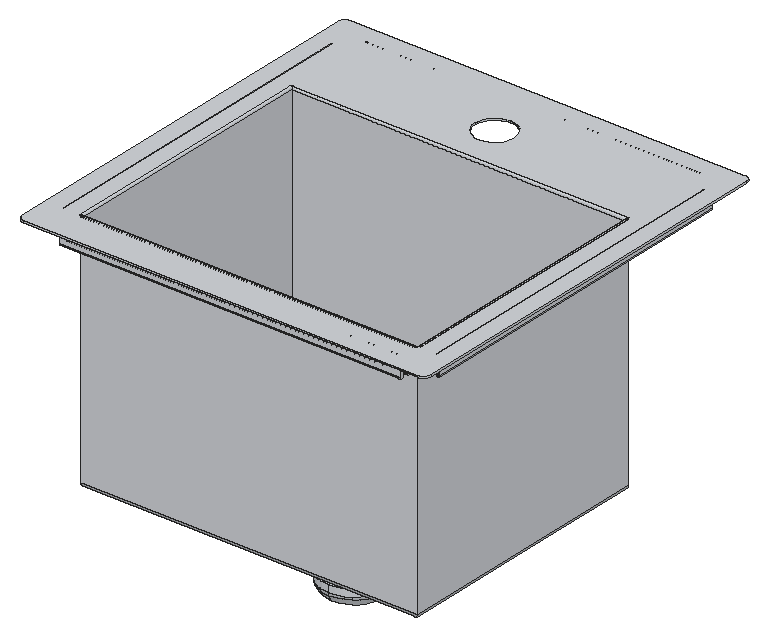
Revit family "Sink-Bar-KOHLER-Vault-K-3840", category Plumbing Fixtures, host Face, Revit 2015 (continued)
Definition of nested family "K-3840"
  Automatic sketch dimensions
    Revolve 25 sketch curve to Revolve 25 sketch curve = 0.09122"
    Revolve 25 sketch curve to Revolve 25 sketch curve = 0.00869"
    Revolve 25 sketch curve to Revolve 25 sketch curve = 0.00643"
    Revolve 25 sketch curve to Revolve 25 sketch curve = 0.04807"
    Revolve 25 sketch curve to Revolve 25 sketch curve = 0.04195"
    Revolve 25 sketch curve to Revolve 25 sketch curve = 0.65248"
    Revolve 25 sketch curve to Revolve 25 sketch curve = 0.03395"
    Revolve 25 sketch curve to Revolve 25 sketch curve = 0.05034"
    Revolve 25 sketch curve to Revolve 25 sketch curve = 0.14743"
    Revolve 25 sketch curve to Revolve 25 sketch curve = 0"  (x2)
    Revolve 25 sketch curve to Revolve 25 sketch curve = 9/32"
    Revolve 25 sketch curve to Revolve 25 sketch curve = 25/32"
    Revolve 24 sketch curve to Revolve 24 sketch curve = 2.15841"
    Revolve 24 sketch curve to plane 1 "Center (Front/Back)" = 0.00774"  (x2)
    plane 9 to Revolve 24 sketch curve = 1.19118"
    Revolve 24 sketch curve to Revolve 24 sketch curve = 0.86193"
    Masking region 3 sketch curve to plane 6 = 0"
    plane 8 to Masking region 3 sketch curve = 0"
    plane 4 to Masking region 3 sketch curve = 0"
    Masking region 3 sketch curve to plane 7 = 0"
    plane 6 to Masking region 3 sketch curve = 0.27335"
    plane 4 to Masking region 3 sketch curve = 0.27386"
    Masking region 3 sketch curve to plane 7 = 0.27286"
    plane 4 to Masking region 3 sketch curve = 0.27247"
    plane 1 "Center (Front/Back)" to Extrusion 29 sketch curve = 0"
    Extrusion 29 sketch curve to plane 3 "Center (Left/Right)" = 0"
    Extrusion 30 sketch curve to plane 11 = 0.01349"
    Extrusion 30 sketch curve to plane 7 = 1.32688"
    Extrusion 30 sketch curve to plane 8 = 1.30499"
    plane 6 to Extrusion 30 sketch curve = 1.32712"
    Extrusion 30 sketch curve to Extrusion 30 sketch curve = 1/32"  (x4)
    Extrusion 31 sketch curve to plane 6 = 0"
    plane 4 to Extrusion 31 sketch curve = 0"
    plane 8 to Extrusion 31 sketch curve = 0"
    Extrusion 31 sketch curve to plane 7 = 0"
    plane 6 to Extrusion 31 sketch curve = 0.27245"
    plane 6 to Extrusion 31 sketch curve = 35/128"
    Extrusion 31 sketch curve to plane 11 = 0.01349"
    plane 6 to Extrusion 31 sketch curve = 1.32712"
    Extrusion 31 sketch curve to plane 7 = 1.32688"
    Extrusion 31 sketch curve to plane 7 = 35/128"  (x2)
    Extrusion 31 sketch curve to plane 8 = 1.30499"
    Extrusion 32 sketch curve to plane 11 = 0.01349"
    plane 6 to Extrusion 32 sketch curve = 1.32712"
    Extrusion 32 sketch curve to plane 7 = 1.32688"
    Extrusion 32 sketch curve to plane 8 = 1.30499"
    Revolve 24 sketch curve to plane 10 = 0"
    plane 10 to Revolve 24 sketch curve = 0.11729"
    plane 10 to Revolve 24 sketch curve = 0.3592"
    curve 17 to curve 275 = 0"  (x2)
    curve 42 to curve 45 = 0"  (x2)
    curve 42 to curve 173 = 0"  (x2)
    curve 42 to curve 176 = 0"  (x2)
    curve 45 to curve 173 = 0"  (x2)
    curve 45 to curve 176 = 0"  (x2)
    curve 46 to curve 47 = 0"  (x2)
    curve 46 to curve 167 = 0"  (x2)
    curve 46 to curve 168 = 0"  (x2)
    curve 47 to curve 167 = 0"  (x2)
    curve 47 to curve 168 = 0"  (x2)
    curve 50 to curve 288 = 0"  (x2)
    curve 50 to curve 289 = 0"  (x2)
    curve 50 to curve 291 = 0"  (x2)
    curve 50 to curve 292 = 0"  (x2)
    curve 50 to curve 294 = 0"  (x2)
    curve 50 to curve 295 = 0"  (x2)
    curve 50 to curve 296 = 0"  (x2)
    curve 50 to curve 297 = 0"  (x2)
    curve 50 to curve 298 = 0"  (x2)
    curve 50 to curve 299 = 0"  (x2)
    curve 50 to curve 300 = 0"  (x2)
    curve 50 to curve 301 = 0"  (x2)
    curve 50 to curve 302 = 0"  (x2)
    curve 50 to curve 303 = 0"  (x2)
    curve 50 to curve 304 = 0"  (x2)
    curve 50 to curve 305 = 0"  (x2)
    curve 50 to curve 306 = 0"  (x2)
    curve 50 to curve 307 = 0"  (x2)
    curve 50 to curve 308 = 0"  (x2)
    curve 50 to curve 309 = 0"  (x2)
    curve 50 to curve 310 = 0"  (x2)
    curve 50 to curve 311 = 0"  (x2)
    curve 50 to curve 312 = 0"  (x2)
    curve 50 to curve 313 = 0"  (x2)
    curve 50 to curve 314 = 0"  (x2)
    curve 50 to curve 315 = 0"  (x2)
    curve 50 to curve 316 = 0"  (x2)
    curve 50 to curve 317 = 0"  (x2)
    curve 51 to curve 52 = 0"  (x2)
    curve 53 to curve 54 = 0"  (x2)
    curve 55 to curve 56 = 0"  (x2)
    curve 57 to curve 58 = 0"  (x2)
    curve 59 to curve 60 = 0"  (x2)
    curve 61 to curve 62 = 0"  (x2)
    curve 63 to curve 64 = 0"  (x2)
    curve 65 to curve 66 = 0"  (x2)
    curve 67 to curve 68 = 0"  (x2)
    curve 69 to curve 70 = 0"  (x2)
    curve 71 to curve 72 = 0"  (x2)
    curve 73 to curve 74 = 0"  (x2)
    curve 75 to curve 76 = 0"  (x2)
    curve 79 to curve 80 = 0"  (x2)
    curve 81 to curve 82 = 0"  (x2)
    curve 83 to curve 84 = 0"  (x2)
    curve 85 to curve 86 = 0"  (x2)
    curve 87 to curve 88 = 0"  (x2)
    curve 89 to curve 90 = 0"  (x2)
    curve 91 to curve 92 = 0"  (x2)
    curve 93 to curve 94 = 0"  (x2)
    curve 95 to curve 96 = 0"  (x2)
    curve 99 to curve 100 = 0"  (x2)
    curve 101 to curve 102 = 0"  (x2)
    curve 103 to curve 104 = 0"  (x2)
    curve 105 to curve 106 = 0"  (x2)
    curve 107 to curve 108 = 0"  (x2)
    curve 110 to curve 111 = 0"  (x2)
    curve 112 to curve 113 = 0"  (x2)
    curve 114 to curve 115 = 0"  (x2)
    curve 116 to curve 117 = 0"  (x2)
    curve 118 to curve 119 = 0"  (x2)
    curve 120 to curve 121 = 0"  (x2)
    curve 122 to curve 123 = 0"  (x2)
    curve 124 to curve 125 = 0"  (x2)
    curve 126 to curve 127 = 0"  (x2)
    curve 128 to curve 129 = 0"  (x2)
    curve 130 to curve 131 = 0"  (x2)
    curve 132 to curve 133 = 0"  (x2)
    curve 134 to curve 135 = 0"  (x2)
    curve 136 to curve 137 = 0"  (x2)
    curve 138 to curve 139 = 0"  (x2)
    curve 140 to curve 141 = 0"  (x2)
    curve 142 to curve 143 = 0"  (x2)
    curve 144 to curve 145 = 0"  (x2)
    curve 146 to curve 147 = 0"  (x2)
    curve 148 to curve 149 = 0"  (x2)
    curve 150 to curve 151 = 0"  (x2)
    curve 152 to curve 153 = 0"  (x2)
    curve 154 to curve 155 = 0"  (x2)
    curve 156 to curve 157 = 0"  (x2)
    curve 158 to curve 159 = 0"  (x2)
    curve 160 to curve 161 = 0"  (x2)
    curve 162 to curve 163 = 0"  (x2)
    curve 165 to curve 166 = 0"  (x2)
    curve 165 to curve 318 = 0"  (x2)
    curve 166 to curve 318 = 0"  (x2)
    curve 167 to curve 168 = 0"  (x2)
    curve 173 to curve 176 = 0"  (x2)
    curve 187 to curve 190 = 0"  (x2)
    curve 187 to curve 201 = 0"  (x2)
    curve 187 to curve 204 = 0"  (x2)
    curve 190 to curve 201 = 0"  (x2)
    curve 190 to curve 204 = 0"  (x2)
    curve 191 to curve 192 = 0"  (x2)
    curve 191 to curve 195 = 0"  (x2)
    curve 191 to curve 196 = 0"  (x2)
    curve 192 to curve 195 = 0"  (x2)
    curve 192 to curve 196 = 0"  (x2)
    curve 195 to curve 196 = 0"  (x2)
    curve 201 to curve 204 = 0"  (x2)
    curve 288 to curve 289 = 0"  (x2)
    curve 288 to curve 291 = 0"  (x2)
    curve 288 to curve 292 = 0"  (x2)
    curve 288 to curve 294 = 0"  (x2)
    curve 288 to curve 295 = 0"  (x2)
    curve 288 to curve 296 = 0"  (x2)
    curve 288 to curve 297 = 0"  (x2)
    curve 288 to curve 298 = 0"  (x2)
    curve 288 to curve 299 = 0"  (x2)
    curve 288 to curve 300 = 0"  (x2)
    curve 288 to curve 301 = 0"  (x2)
    curve 288 to curve 302 = 0"  (x2)
    curve 288 to curve 303 = 0"  (x2)
    curve 288 to curve 304 = 0"  (x2)
    curve 288 to curve 305 = 0"  (x2)
    curve 288 to curve 306 = 0"  (x2)
    curve 288 to curve 307 = 0"  (x2)
    curve 288 to curve 308 = 0"  (x2)
    curve 288 to curve 309 = 0"  (x2)
    curve 288 to curve 310 = 0"  (x2)
    curve 288 to curve 311 = 0"  (x2)
    curve 288 to curve 312 = 0"  (x2)
    curve 288 to curve 313 = 0"  (x2)
    curve 288 to curve 314 = 0"  (x2)
    curve 288 to curve 315 = 0"  (x2)
    curve 288 to curve 316 = 0"  (x2)
    curve 288 to curve 317 = 0"  (x2)
    curve 289 to curve 291 = 0"  (x2)
    curve 289 to curve 292 = 0"  (x2)
    curve 289 to curve 294 = 0"  (x2)
    curve 289 to curve 295 = 0"  (x2)
    curve 289 to curve 296 = 0"  (x2)
    curve 289 to curve 297 = 0"  (x2)
    curve 289 to curve 298 = 0"  (x2)
    curve 289 to curve 299 = 0"  (x2)
    curve 289 to curve 300 = 0"  (x2)
    curve 289 to curve 301 = 0"  (x2)
    curve 289 to curve 302 = 0"  (x2)
    curve 289 to curve 303 = 0"  (x2)
    curve 289 to curve 304 = 0"  (x2)
    curve 289 to curve 305 = 0"  (x2)
    curve 289 to curve 306 = 0"  (x2)
    curve 289 to curve 307 = 0"  (x2)
    curve 289 to curve 308 = 0"  (x2)
    curve 289 to curve 309 = 0"  (x2)
    curve 289 to curve 310 = 0"  (x2)
    curve 289 to curve 311 = 0"  (x2)
    curve 289 to curve 312 = 0"  (x2)
    curve 289 to curve 313 = 0"  (x2)
    curve 289 to curve 314 = 0"  (x2)
    curve 289 to curve 315 = 0"  (x2)
    curve 289 to curve 316 = 0"  (x2)
    curve 289 to curve 317 = 0"  (x2)
    curve 291 to curve 292 = 0"  (x2)
    curve 291 to curve 294 = 0"  (x2)
    curve 291 to curve 295 = 0"  (x2)
    curve 291 to curve 296 = 0"  (x2)
    curve 291 to curve 297 = 0"  (x2)
    curve 291 to curve 298 = 0"  (x2)
    curve 291 to curve 299 = 0"  (x2)
    curve 291 to curve 300 = 0"  (x2)
    curve 291 to curve 301 = 0"  (x2)
    curve 291 to curve 302 = 0"  (x2)
    curve 291 to curve 303 = 0"  (x2)
    curve 291 to curve 304 = 0"  (x2)
    curve 291 to curve 305 = 0"  (x2)
    curve 291 to curve 306 = 0"  (x2)
    curve 291 to curve 307 = 0"  (x2)
    curve 291 to curve 308 = 0"  (x2)
    curve 291 to curve 309 = 0"  (x2)
    curve 291 to curve 310 = 0"  (x2)
    curve 291 to curve 311 = 0"  (x2)
    curve 291 to curve 312 = 0"  (x2)
    curve 291 to curve 313 = 0"  (x2)
    curve 291 to curve 314 = 0"  (x2)
    curve 291 to curve 315 = 0"  (x2)
    curve 291 to curve 316 = 0"  (x2)
    curve 291 to curve 317 = 0"  (x2)
    curve 292 to curve 294 = 0"  (x2)
    curve 292 to curve 295 = 0"  (x2)
    curve 292 to curve 296 = 0"  (x2)
    curve 292 to curve 297 = 0"  (x2)
    curve 292 to curve 298 = 0"  (x2)
    curve 292 to curve 299 = 0"  (x2)
    curve 292 to curve 300 = 0"  (x2)
    curve 292 to curve 301 = 0"  (x2)
    curve 292 to curve 302 = 0"  (x2)
    curve 292 to curve 303 = 0"  (x2)
    curve 292 to curve 304 = 0"  (x2)
    curve 292 to curve 305 = 0"  (x2)
    curve 292 to curve 306 = 0"  (x2)
    curve 292 to curve 307 = 0"  (x2)
    curve 292 to curve 308 = 0"  (x2)
    curve 292 to curve 309 = 0"  (x2)
    curve 292 to curve 310 = 0"  (x2)
    curve 292 to curve 311 = 0"  (x2)
    curve 292 to curve 312 = 0"  (x2)
    curve 292 to curve 313 = 0"  (x2)
    curve 292 to curve 314 = 0"  (x2)
    curve 292 to curve 315 = 0"  (x2)
    curve 292 to curve 316 = 0"  (x2)
    curve 292 to curve 317 = 0"  (x2)
    curve 294 to curve 295 = 0"  (x2)
    curve 294 to curve 296 = 0"  (x2)
    curve 294 to curve 297 = 0"  (x2)
    curve 294 to curve 298 = 0"  (x2)
    curve 294 to curve 299 = 0"  (x2)
    curve 294 to curve 300 = 0"  (x2)
    curve 294 to curve 301 = 0"  (x2)
    curve 294 to curve 302 = 0"  (x2)
    curve 294 to curve 303 = 0"  (x2)
    curve 294 to curve 304 = 0"  (x2)
    curve 294 to curve 305 = 0"  (x2)
    curve 294 to curve 306 = 0"  (x2)
    curve 294 to curve 307 = 0"  (x2)
    curve 294 to curve 308 = 0"  (x2)
    curve 294 to curve 309 = 0"  (x2)
    curve 294 to curve 310 = 0"  (x2)
    curve 294 to curve 311 = 0"  (x2)
    curve 294 to curve 312 = 0"  (x2)
    curve 294 to curve 313 = 0"  (x2)
    curve 294 to curve 314 = 0"  (x2)
    curve 294 to curve 315 = 0"  (x2)
    curve 294 to curve 316 = 0"  (x2)
    curve 294 to curve 317 = 0"  (x2)
    curve 295 to curve 296 = 0"  (x2)
    curve 295 to curve 297 = 0"  (x2)
    curve 295 to curve 298 = 0"  (x2)
    curve 295 to curve 299 = 0"  (x2)
    curve 295 to curve 300 = 0"  (x2)
    curve 295 to curve 301 = 0"  (x2)
    curve 295 to curve 302 = 0"  (x2)
    curve 295 to curve 303 = 0"  (x2)
    curve 295 to curve 304 = 0"  (x2)
    curve 295 to curve 305 = 0"  (x2)
    curve 295 to curve 306 = 0"  (x2)
    curve 295 to curve 307 = 0"  (x2)
    curve 295 to curve 308 = 0"  (x2)
    curve 295 to curve 309 = 0"  (x2)
    curve 295 to curve 310 = 0"  (x2)
    curve 295 to curve 311 = 0"  (x2)
    curve 295 to curve 312 = 0"  (x2)
    curve 295 to curve 313 = 0"  (x2)
    curve 295 to curve 314 = 0"  (x2)
    curve 295 to curve 315 = 0"  (x2)
    curve 295 to curve 316 = 0"  (x2)
    curve 295 to curve 317 = 0"  (x2)
    curve 296 to curve 297 = 0"  (x2)
    curve 296 to curve 298 = 0"  (x2)
    curve 296 to curve 299 = 0"  (x2)
    curve 296 to curve 300 = 0"  (x2)
    curve 296 to curve 301 = 0"  (x2)
    curve 296 to curve 302 = 0"  (x2)
    curve 296 to curve 303 = 0"  (x2)
    curve 296 to curve 304 = 0"  (x2)
    curve 296 to curve 305 = 0"  (x2)
    curve 296 to curve 306 = 0"  (x2)
    curve 296 to curve 307 = 0"  (x2)
    curve 296 to curve 308 = 0"  (x2)
    curve 296 to curve 309 = 0"  (x2)
    curve 296 to curve 310 = 0"  (x2)
    curve 296 to curve 311 = 0"  (x2)
    curve 296 to curve 312 = 0"  (x2)
    curve 296 to curve 313 = 0"  (x2)
    curve 296 to curve 314 = 0"  (x2)
    curve 296 to curve 315 = 0"  (x2)
    curve 296 to curve 316 = 0"  (x2)
    curve 296 to curve 317 = 0"  (x2)
    curve 297 to curve 298 = 0"  (x2)
    curve 297 to curve 299 = 0"  (x2)
    curve 297 to curve 300 = 0"  (x2)
    curve 297 to curve 301 = 0"  (x2)
    curve 297 to curve 302 = 0"  (x2)
    curve 297 to curve 303 = 0"  (x2)
    curve 297 to curve 304 = 0"  (x2)
    curve 297 to curve 305 = 0"  (x2)
    curve 297 to curve 306 = 0"  (x2)
    curve 297 to curve 307 = 0"  (x2)
    curve 297 to curve 308 = 0"  (x2)
    curve 297 to curve 309 = 0"  (x2)
    curve 297 to curve 310 = 0"  (x2)
    curve 297 to curve 311 = 0"  (x2)
    curve 297 to curve 312 = 0"  (x2)
    curve 297 to curve 313 = 0"  (x2)
    curve 297 to curve 314 = 0"  (x2)
    curve 297 to curve 315 = 0"  (x2)
    curve 297 to curve 316 = 0"  (x2)
    curve 297 to curve 317 = 0"  (x2)
    curve 298 to curve 299 = 0"  (x2)
    curve 298 to curve 300 = 0"  (x2)
    curve 298 to curve 301 = 0"  (x2)
    curve 298 to curve 302 = 0"  (x2)
    curve 298 to curve 303 = 0"  (x2)
    curve 298 to curve 304 = 0"  (x2)
    curve 298 to curve 305 = 0"  (x2)
    curve 298 to curve 306 = 0"  (x2)
    curve 298 to curve 307 = 0"  (x2)
    curve 298 to curve 308 = 0"  (x2)
    curve 298 to curve 309 = 0"  (x2)
    curve 298 to curve 310 = 0"  (x2)
    curve 298 to curve 311 = 0"  (x2)
    curve 298 to curve 312 = 0"  (x2)
    curve 298 to curve 313 = 0"  (x2)
    curve 298 to curve 314 = 0"  (x2)
    curve 298 to curve 315 = 0"  (x2)
    curve 298 to curve 316 = 0"  (x2)
    curve 298 to curve 317 = 0"  (x2)
    curve 299 to curve 300 = 0"  (x2)
    curve 299 to curve 301 = 0"  (x2)
    curve 299 to curve 302 = 0"  (x2)
    curve 299 to curve 303 = 0"  (x2)
    curve 299 to curve 304 = 0"  (x2)
    curve 299 to curve 305 = 0"  (x2)
    curve 299 to curve 306 = 0"  (x2)
    curve 299 to curve 307 = 0"  (x2)
    curve 299 to curve 308 = 0"  (x2)
    curve 299 to curve 309 = 0"  (x2)
    curve 299 to curve 310 = 0"  (x2)
    curve 299 to curve 311 = 0"  (x2)
    curve 299 to curve 312 = 0"  (x2)
    curve 299 to curve 313 = 0"  (x2)
    curve 299 to curve 314 = 0"  (x2)
    curve 299 to curve 315 = 0"  (x2)
    curve 299 to curve 316 = 0"  (x2)
    curve 299 to curve 317 = 0"  (x2)
    curve 300 to curve 301 = 0"  (x2)
    curve 300 to curve 302 = 0"  (x2)
    curve 300 to curve 303 = 0"  (x2)
    curve 300 to curve 304 = 0"  (x2)
    curve 300 to curve 305 = 0"  (x2)
    curve 300 to curve 306 = 0"  (x2)
    curve 300 to curve 307 = 0"  (x2)
    curve 300 to curve 308 = 0"  (x2)
    curve 300 to curve 309 = 0"  (x2)
    curve 300 to curve 310 = 0"  (x2)
    curve 300 to curve 311 = 0"  (x2)
    curve 300 to curve 312 = 0"  (x2)
    curve 300 to curve 313 = 0"  (x2)
    curve 300 to curve 314 = 0"  (x2)
    curve 300 to curve 315 = 0"  (x2)
    curve 300 to curve 316 = 0"  (x2)
    curve 300 to curve 317 = 0"  (x2)
    curve 301 to curve 302 = 0"  (x2)
    curve 301 to curve 303 = 0"  (x2)
    curve 301 to curve 304 = 0"  (x2)
    curve 301 to curve 305 = 0"  (x2)
    curve 301 to curve 306 = 0"  (x2)
    curve 301 to curve 307 = 0"  (x2)
    curve 301 to curve 308 = 0"  (x2)
    curve 301 to curve 309 = 0"  (x2)
    curve 301 to curve 310 = 0"  (x2)
    curve 301 to curve 311 = 0"  (x2)
    curve 301 to curve 312 = 0"  (x2)
    curve 301 to curve 313 = 0"  (x2)
    curve 301 to curve 314 = 0"  (x2)
    curve 301 to curve 315 = 0"  (x2)
    curve 301 to curve 316 = 0"  (x2)
    curve 301 to curve 317 = 0"  (x2)
    curve 302 to curve 303 = 0"  (x2)
    curve 302 to curve 304 = 0"  (x2)
    curve 302 to curve 305 = 0"  (x2)
    curve 302 to curve 306 = 0"  (x2)
    curve 302 to curve 307 = 0"  (x2)
    curve 302 to curve 308 = 0"  (x2)
    curve 302 to curve 309 = 0"  (x2)
    curve 302 to curve 310 = 0"  (x2)
    curve 302 to curve 311 = 0"  (x2)
    curve 302 to curve 312 = 0"  (x2)
    curve 302 to curve 313 = 0"  (x2)
    curve 302 to curve 314 = 0"  (x2)
    curve 302 to curve 315 = 0"  (x2)
    curve 302 to curve 316 = 0"  (x2)
    curve 302 to curve 317 = 0"  (x2)
    curve 303 to curve 304 = 0"  (x2)
    curve 303 to curve 305 = 0"  (x2)
    curve 303 to curve 306 = 0"  (x2)
    curve 303 to curve 307 = 0"  (x2)
    curve 303 to curve 308 = 0"  (x2)
    curve 303 to curve 309 = 0"  (x2)
    curve 303 to curve 310 = 0"  (x2)
    curve 303 to curve 311 = 0"  (x2)
    curve 303 to curve 312 = 0"  (x2)
    curve 303 to curve 313 = 0"  (x2)
    curve 303 to curve 314 = 0"  (x2)
    curve 303 to curve 315 = 0"  (x2)
    curve 303 to curve 316 = 0"  (x2)
    curve 303 to curve 317 = 0"  (x2)
    curve 304 to curve 305 = 0"  (x2)
    curve 304 to curve 306 = 0"  (x2)
    curve 304 to curve 307 = 0"  (x2)
    curve 304 to curve 308 = 0"  (x2)
    curve 304 to curve 309 = 0"  (x2)
    curve 304 to curve 310 = 0"  (x2)
    curve 304 to curve 311 = 0"  (x2)
    curve 304 to curve 312 = 0"  (x2)
    curve 304 to curve 313 = 0"  (x2)
    curve 304 to curve 314 = 0"  (x2)
    curve 304 to curve 315 = 0"  (x2)
    curve 304 to curve 316 = 0"  (x2)
    curve 304 to curve 317 = 0"  (x2)
    curve 305 to curve 306 = 0"  (x2)
    curve 305 to curve 307 = 0"  (x2)
    curve 305 to curve 308 = 0"  (x2)
    curve 305 to curve 309 = 0"  (x2)
    curve 305 to curve 310 = 0"  (x2)
    curve 305 to curve 311 = 0"  (x2)
    curve 305 to curve 312 = 0"  (x2)
    curve 305 to curve 313 = 0"  (x2)
    curve 305 to curve 314 = 0"  (x2)
    curve 305 to curve 315 = 0"  (x2)
    curve 305 to curve 316 = 0"  (x2)
    curve 305 to curve 317 = 0"  (x2)
    curve 306 to curve 307 = 0"  (x2)
    curve 306 to curve 308 = 0"  (x2)
    curve 306 to curve 309 = 0"  (x2)
    curve 306 to curve 310 = 0"  (x2)
    curve 306 to curve 311 = 0"  (x2)
    curve 306 to curve 312 = 0"  (x2)
    curve 306 to curve 313 = 0"  (x2)
    curve 306 to curve 314 = 0"  (x2)
    curve 306 to curve 315 = 0"  (x2)
    curve 306 to curve 316 = 0"  (x2)
    curve 306 to curve 317 = 0"  (x2)
    curve 307 to curve 308 = 0"  (x2)
    curve 307 to curve 309 = 0"  (x2)
    curve 307 to curve 310 = 0"  (x2)
    curve 307 to curve 311 = 0"  (x2)
    curve 307 to curve 312 = 0"  (x2)
    curve 307 to curve 313 = 0"  (x2)
    curve 307 to curve 314 = 0"  (x2)
    curve 307 to curve 315 = 0"  (x2)
    curve 307 to curve 316 = 0"  (x2)
    curve 307 to curve 317 = 0"  (x2)
    curve 308 to curve 309 = 0"  (x2)
    curve 308 to curve 310 = 0"  (x2)
    curve 308 to curve 311 = 0"  (x2)
    curve 308 to curve 312 = 0"  (x2)
    curve 308 to curve 313 = 0"  (x2)
    curve 308 to curve 314 = 0"  (x2)
    curve 308 to curve 315 = 0"  (x2)
    curve 308 to curve 316 = 0"  (x2)
    curve 308 to curve 317 = 0"  (x2)
    curve 309 to curve 310 = 0"  (x2)
    curve 309 to curve 311 = 0"  (x2)
    curve 309 to curve 312 = 0"  (x2)
    curve 309 to curve 313 = 0"  (x2)
    curve 309 to curve 314 = 0"  (x2)
    curve 309 to curve 315 = 0"  (x2)
    curve 309 to curve 316 = 0"  (x2)
    curve 309 to curve 317 = 0"  (x2)
    curve 310 to curve 311 = 0"  (x2)
    curve 310 to curve 312 = 0"  (x2)
    curve 310 to curve 313 = 0"  (x2)
    curve 310 to curve 314 = 0"  (x2)
    curve 310 to curve 315 = 0"  (x2)
    curve 310 to curve 316 = 0"  (x2)
    curve 310 to curve 317 = 0"  (x2)
    curve 311 to curve 312 = 0"  (x2)
    curve 311 to curve 313 = 0"  (x2)
    curve 311 to curve 314 = 0"  (x2)
    curve 311 to curve 315 = 0"  (x2)
    curve 311 to curve 316 = 0"  (x2)
    curve 311 to curve 317 = 0"  (x2)
    curve 312 to curve 313 = 0"  (x2)
    curve 312 to curve 314 = 0"  (x2)
    curve 312 to curve 315 = 0"  (x2)
    curve 312 to curve 316 = 0"  (x2)
    curve 312 to curve 317 = 0"  (x2)
    curve 313 to curve 314 = 0"  (x2)
    curve 313 to curve 315 = 0"  (x2)
    curve 313 to curve 316 = 0"  (x2)
    curve 313 to curve 317 = 0"  (x2)
    curve 314 to curve 315 = 0"  (x2)
    curve 314 to curve 316 = 0"  (x2)
    curve 314 to curve 317 = 0"  (x2)
    curve 315 to curve 316 = 0"  (x2)
    curve 315 to curve 317 = 0"  (x2)
    curve 316 to curve 317 = 0"  (x2)
    plane 11 to curve 18 = 0"
    plane 5 to curve 15 = 0"
    plane 5 to curve 273 = 0"
    plane 1 "Center (Front/Back)" to curve 104 = 0"
    curve 109 to plane 3 "Center (Left/Right)" = 0"
    curve 98 to plane 3 "Center (Left/Right)" = 0"
    curve 17 to plane 3 "Center (Left/Right)" = 0"
    plane 1 "Center (Front/Back)" to curve 166 = 0"
    curve 166 to plane 3 "Center (Left/Right)" = 0"
    plane 1 "Center (Front/Back)" to curve 159 = 0"
    plane 5 to curve 274 = 0"
    plane 5 to curve 16 = 0"
    plane 5 to curve 17 = 0"
    curve 78 to plane 3 "Center (Left/Right)" = 0.00167"
    curve 97 to plane 3 "Center (Left/Right)" = 0.00167"
    curve 283 to plane 3 "Center (Left/Right)" = 0.04993"
    curve 278 to plane 3 "Center (Left/Right)" = 0.04993"
    curve 60 to plane 3 "Center (Left/Right)" = 0.28668"
    curve 76 to plane 3 "Center (Left/Right)" = 0.28668"
    curve 79 to plane 3 "Center (Left/Right)" = 0.29418"
    curve 95 to plane 3 "Center (Left/Right)" = 0.29418"
    curve 100 to plane 3 "Center (Left/Right)" = 0.31122"
    curve 108 to plane 3 "Center (Left/Right)" = 0.31122"
    curve 101 to curve 99 = 0.2327"
    curve 106 to curve 107 = 0.2327"
    curve 74 to curve 75 = 0.26989"
    curve 57 to curve 59 = 0.26989"
    curve 94 to curve 95 = 0.26311"
    curve 82 to curve 79 = 0.26311"
    curve 104 to curve 105 = 0.08223"
    curve 84 to curve 81 = 0.21123"
    curve 91 to curve 93 = 0.21123"
    curve 71 to curve 73 = 0.23982"
    curve 55 to curve 57 = 0.23982"
    curve 284 to curve 314 = 0.8339"
    curve 277 to curve 297 = 0.8339"
    curve 85 to curve 83 = 0.13593"
    curve 89 to curve 91 = 0.13593"
    curve 87 to plane 1 "Center (Front/Back)" = 0.00172"
    curve 87 to curve 89 = 0.04901"
    curve 276 to curve 296 = 0.10731"
    curve 285 to curve 317 = 0.10731"
    curve 54 to curve 55 = 0.20445"
    curve 69 to curve 71 = 0.20445"
    curve 51 to curve 53 = 0.15221"
    curve 68 to curve 69 = 0.15221"
    curve 61 to curve 52 = 0.09445"
    curve 65 to curve 67 = 0.09445"
    curve 63 to plane 1 "Center (Front/Back)" = 0.00172"
    curve 63 to curve 61 = 0.03341"
    curve 241 to curve 296 = 0.65113"
    plane 1 "Center (Front/Back)" to curve 238 = 1.28912"
    curve 238 to curve 294 = 0.11553"
    curve 222 to plane 1 "Center (Front/Back)" = 1.28634"
    curve 222 to curve 53 = 0.75957"
    curve 273 to curve 17 = 2"
    curve 229 to plane 1 "Center (Front/Back)" = 0.09958"
    curve 229 to curve 63 = 0.89664"
    plane 1 "Center (Front/Back)" to curve 230 = 0.09617"
    plane 11 to curve 175 = 0.9673"
    curve 175 to curve 285 = 2.69919"
    curve 170 to curve 178 = 0"
    curve 41 to curve 170 = 0"
    curve 178 to curve 178 = 0.05338"
    curve 171 to curve 41 = 0.05338"
    curve 177 to curve 177 = 0.05338"
    curve 167 to curve 171 = 0"
    curve 176 to curve 177 = 0"
    curve 15 to curve 273 = 2"
    curve 34 to curve 49 = 1.34216"
    plane 11 to curve 27 = 0.53431"
    curve 27 to curve 40 = 1.34372"
    curve 28 to curve 34 = 0.01129"
    curve 30 to curve 35 = 0.01044"
    curve 25 to curve 33 = 0.40434"
    curve 24 to curve 25 = 0.18941"
    curve 19 to curve 30 = 0.37795"
    plane 3 "Center (Left/Right)" to curve 164 = 0.00127"
    plane 3 "Center (Left/Right)" to curve 77 = 0.00127"
    plane 3 "Center (Left/Right)" to curve 210 = 0.05649"
    plane 3 "Center (Left/Right)" to curve 182 = 0.05649"
    plane 3 "Center (Left/Right)" to curve 134 = 0.28668"
    plane 3 "Center (Left/Right)" to curve 118 = 0.28668"
    plane 3 "Center (Left/Right)" to curve 152 = 0.29418"
    plane 3 "Center (Left/Right)" to curve 137 = 0.29418"
    plane 3 "Center (Left/Right)" to curve 155 = 0.31122"
    plane 3 "Center (Left/Right)" to curve 162 = 0.31122"
    curve 154 to curve 157 = 0.2327"
    curve 162 to curve 161 = 0.2327"
    curve 118 to curve 116 = 0.26989"
    curve 134 to curve 132 = 0.26989"
    curve 152 to curve 151 = 0.26311"
    curve 136 to curve 139 = 0.26311"
    curve 160 to curve 158 = 0.08223"
    curve 151 to curve 148 = 0.21123"
    curve 139 to curve 141 = 0.21123"
    curve 132 to curve 131 = 0.23982"
    curve 116 to curve 114 = 0.23982"
    curve 313 to curve 282 = 0.82734"
    curve 210 to curve 279 = 0.82734"
    curve 140 to curve 143 = 0.13593"
    curve 148 to curve 147 = 0.13593"
    curve 145 to plane 1 "Center (Front/Back)" = 0.00172"
    curve 146 to curve 145 = 0.04901"
    curve 299 to curve 280 = 0.10731"
    curve 312 to curve 281 = 0.10731"
    curve 114 to curve 113 = 0.20445"
    curve 130 to curve 129 = 0.20445"
    curve 112 to curve 110 = 0.15221"
    curve 128 to curve 127 = 0.15221"
    curve 126 to curve 125 = 0.09445"
    curve 110 to curve 121 = 0.09445"
    curve 122 to plane 1 "Center (Front/Back)" = 0.00172"
    curve 120 to curve 122 = 0.03341"
    plane 1 "Center (Front/Back)" to curve 265 = 1.43472"
    curve 249 to plane 1 "Center (Front/Back)" = 1.43505"
    plane 1 "Center (Front/Back)" to curve 262 = 1.28739"
    curve 246 to plane 1 "Center (Front/Back)" = 1.28769"
    curve 262 to curve 211 = 0.05497"
    curve 309 to curve 207 = 0.05461"
    curve 303 to curve 212 = 0.10991"
    curve 309 to curve 208 = 0.10991"
    plane 3 "Center (Left/Right)" to curve 274 = 2"
    curve 253 to plane 1 "Center (Front/Back)" = 0.09958"
    plane 1 "Center (Front/Back)" to curve 254 = 0.09617"
    curve 212 to curve 214 = 1.56216"
    curve 214 to curve 215 = 0.04342"
    curve 208 to curve 198 = 1.76373"
    curve 203 to curve 198 = 0"
    curve 214 to curve 186 = 0.20157"
    curve 203 to curve 218 = 0.05338"
    curve 198 to curve 200 = 0.05338"
    curve 199 to curve 199 = 0.05338"
    curve 217 to curve 188 = 0.05338"
    curve 200 to curve 191 = 0"
    curve 218 to curve 204 = 0"
    curve 218 to curve 185 = 0.05338"
    curve 191 to curve 216 = 0.14489"
    curve 274 to curve 16 = 2"
    curve 202 to curve 213 = 59/256"
    curve 218 to curve 36 = 1.34372"
    curve 213 to curve 29 = 1.11325"
    curve 29 to curve 28 = 0.00973"
    curve 36 to curve 31 = 0.00973"
    curve 32 to curve 23 = 0.40434"
    curve 23 to curve 22 = 0.18941"
    curve 22 to curve 18 = 0.3771"
    curve 215 to curve 302 = 1.87403"
    curve 216 to curve 215 = 0.00704"
    curve 174 to plane 8 = 2.72143"
    curve 200 to curve 216 = 0.11805"
    curve 213 to curve 202 = 0.16559"
    curve 214 to curve 200 = 0.1785"
    curve 195 to curve 200 = 0.19435"
    curve 46 to curve 172 = 0.22462"
    curve 186 to curve 191 = 51/256"
    curve 171 to curve 46 = 0.22306"
    curve 34 to curve 168 = 15/64"
    curve 32 to curve 37 = 0.00673"
    curve 20 to curve 22 = 0.89742"
    curve 278 to curve 77 = 0.89743"
    curve 77 to curve 75 = 0.03026"
    curve 77 to curve 135 = 0.03026"
    curve 75 to curve 73 = 0.1036"
    curve 134 to curve 133 = 0.1036"
    curve 74 to curve 72 = 0.1441"
    curve 132 to curve 131 = 0.1441"
    curve 77 to curve 78 = 0.32945"
    curve 73 to curve 79 = 0.24192"
    curve 133 to curve 136 = 0.24192"
    curve 71 to curve 70 = 0.20445"
    curve 130 to curve 128 = 0.20445"
    curve 79 to curve 82 = 0.13406"
    curve 136 to curve 139 = 0.13406"
    curve 78 to curve 109 = 0.32972"
    curve 138 to curve 140 = 0.21123"
    curve 81 to curve 84 = 0.21123"
    curve 69 to curve 67 = 0.24359"
    curve 128 to curve 127 = 0.24359"
    curve 81 to curve 108 = 0.23272"
    curve 139 to curve 162 = 0.23272"
    curve 162 to curve 161 = 0.22879"
    curve 107 to curve 106 = 0.22879"
    curve 105 to curve 86 = 0.0165"
    curve 160 to curve 143 = 0.0165"
    curve 86 to curve 66 = 0.01245"
    curve 142 to curve 124 = 0.01245"
    curve 121 to plane 1 "Center (Front/Back)" = 0.2824"
    curve 62 to plane 1 "Center (Front/Back)" = 0.2824"
    curve 62 to curve 89 = 0.01245"
    curve 121 to curve 147 = 0.01245"
    curve 89 to curve 101 = 0.0165"
    curve 147 to curve 157 = 0.0165"
    curve 157 to curve 155 = 0.22879"
    curve 102 to curve 100 = 0.22879"
    curve 62 to curve 51 = 0.2743"
    curve 121 to curve 111 = 0.2743"
    curve 147 to curve 149 = 0.26678"
    curve 90 to curve 92 = 0.26678"
    curve 155 to curve 98 = 0.08339"
    curve 149 to curve 151 = 0.21123"
    curve 92 to curve 94 = 0.21123"
    curve 51 to curve 54 = 0.24359"
    curve 111 to curve 113 = 0.24359"
    curve 93 to curve 96 = 0.13406"
    curve 151 to curve 152 = 0.13406"
    curve 95 to curve 97 = 0.04633"
    curve 113 to curve 115 = 0.20445"
    curve 53 to curve 55 = 0.20445"
    curve 115 to curve 117 = 0.1441"
    curve 55 to curve 57 = 0.1441"
    curve 117 to curve 119 = 0.1036"
    curve 57 to curve 60 = 0.1036"
    curve 119 to curve 164 = 0.03026"
    curve 202 to curve 185 = 0.89315"
    curve 188 to curve 198 = 0"
    curve 174 to curve 178 = 0.44443"
    curve 217 to curve 201 = 0.22609"
    curve 177 to curve 173 = 0.22104"
    curve 187 to curve 203 = 0.22592"
    curve 36 to curve 31 = 0.00673"
    curve 59 to curve 60 = 0.09537"
    curve 75 to curve 75 = 0.09537"
    curve 95 to curve 95 = 0.09537"
    curve 79 to curve 80 = 0.09537"
    curve 99 to curve 100 = 0.09537"
    curve 107 to curve 107 = 0.09537"
    curve 101 to curve 101 = 0.09537"
    curve 105 to curve 106 = 0.09537"
    curve 57 to curve 58 = 0.09537"
    curve 73 to curve 74 = 0.09537"
    curve 81 to curve 81 = 0.09537"
    curve 93 to curve 94 = 0.09537"
    curve 103 to curve 103 = 0.09537"
    curve 83 to curve 84 = 0.09537"
    curve 91 to curve 91 = 0.09537"
    curve 55 to curve 56 = 0.09537"
    curve 71 to curve 72 = 0.09537"
    curve 85 to curve 86 = 0.09537"
    curve 89 to curve 90 = 0.09537"
    curve 87 to curve 88 = 0.09537"
    curve 53 to curve 54 = 0.09537"
    curve 69 to curve 70 = 0.09537"
    curve 51 to curve 51 = 0.09537"
    curve 67 to curve 68 = 0.09537"
    curve 61 to curve 61 = 0.09537"
    curve 65 to curve 66 = 0.09537"
    curve 64 to curve 63 = 0.09537"
    curve 225 to plane 1 "Center (Front/Back)" = 1.43379"
    curve 50 to curve 225 = 0"
    curve 181 to curve 288 = 0.05627"
    curve 209 to curve 276 = 0.82555"
    curve 224 to curve 225 = 0.10991"
    curve 240 to curve 241 = 0.10991"
    curve 288 to curve 290 = 0.0009"
    curve 240 to curve 240 = 0.82509"
    curve 231 to curve 229 = 0.10743"
    curve 46 to curve 47 = 0.33386"
    curve 42 to curve 176 = 0.33386"
    curve 49 to curve 171 = 0"
    curve 43 to curve 42 = 0"
    curve 48 to curve 49 = 0"
    curve 44 to curve 43 = 0"  (x3)
    curve 46 to curve 46 = 0.33386"
    curve 42 to curve 42 = 0.33386"
    curve 29 to curve 38 = 0.51191"
    curve 227 to curve 233 = 0.10655"
    curve 271 to curve 34 = 0.02199"
    plane 11 to curve 287 = 0.53565"
    curve 287 to curve 27 = 0.02055"
    curve 272 to curve 271 = 0.21079"
    plane 11 to curve 286 = 0.60627"
    curve 286 to curve 287 = 0.21116"
    curve 135 to curve 134 = 0.09537"
    curve 119 to curve 118 = 0.09537"
    curve 152 to curve 152 = 0.09537"
    curve 137 to curve 136 = 0.09537"
    curve 162 to curve 162 = 0.09537"
    curve 155 to curve 154 = 0.09537"
    curve 157 to curve 156 = 0.09537"
    curve 160 to curve 160 = 0.09537"
    curve 116 to curve 116 = 0.09537"
    curve 132 to curve 132 = 0.09537"
    curve 151 to curve 150 = 0.09537"
    curve 139 to curve 138 = 0.09537"
    curve 159 to curve 158 = 0.09537"
    curve 141 to curve 140 = 0.09537"
    curve 149 to curve 148 = 0.09537"
    curve 131 to curve 130 = 0.09537"
    curve 114 to curve 114 = 0.09537"
    curve 143 to curve 142 = 0.09537"
    curve 146 to curve 146 = 0.09537"
    curve 144 to curve 144 = 0.09537"
    curve 129 to curve 128 = 0.09537"
    curve 113 to curve 112 = 0.09537"
    curve 127 to curve 126 = 0.09537"
    curve 110 to curve 110 = 0.09537"
    curve 120 to curve 120 = 0.09537"
    curve 124 to curve 124 = 0.09537"
    curve 123 to curve 122 = 0.09537"
    curve 248 to curve 248 = 0.82509"
    curve 206 to curve 205 = 0.10743"
    curve 195 to curve 214 = 0.07889"
    curve 190 to curve 187 = 0.33386"
    curve 193 to curve 186 = 0.0488"
    curve 193 to curve 198 = 0.02373"
    curve 194 to curve 191 = 0"
    curve 217 to curve 189 = 0"
    curve 188 to curve 189 = 0"
    curve 193 to curve 194 = 0"
    curve 202 to curve 194 = 0.02265"
    curve 199 to curve 214 = 0.04724"
    curve 187 to curve 187 = 0.33386"
    curve 213 to curve 196 = 0.05001"
    curve 266 to curve 37 = 0.51347"
    plane 11 to curve 269 = 1.12343"
    curve 243 to curve 269 = 0.10655"
    curve 37 to curve 267 = 0.02055"
    plane 11 to curve 270 = 0.53565"
    curve 27 to curve 270 = 0.02055"
    curve 267 to curve 268 = 0.21117"
    plane 11 to curve 269 = 0.60627"
    curve 270 to curve 269 = 0.21117"
    curve 215 to curve 264 = 0.97689"
    curve 167 to curve 240 = 0.96678"
    curve 263 to curve 264 = 0.09293"
    curve 239 to curve 240 = 0.09293"
    curve 167 to curve 236 = 0.44947"
    curve 195 to curve 260 = 0.44947"
    curve 259 to curve 260 = 0.08646"
    curve 235 to curve 236 = 0.08646"
    curve 263 to curve 259 = 0.15664"
    curve 239 to curve 235 = 0.15664"
    curve 191 to curve 266 = 0.12654"
    curve 46 to curve 242 = 0.12654"
    curve 198 to curve 215 = 0.04485"
    curve 202 to curve 216 = 0.04404"
    curve 172 to curve 49 = 0.00132"
    curve 172 to curve 48 = 0.0013"
    curve 196 to curve 259 = 0.02025"
    curve 46 to curve 235 = 0.02025"
    curve 193 to curve 191 = 0.00542"
    curve 48 to curve 46 = 0.00542"
    curve 194 to curve 193 = 0"
    curve 49 to curve 48 = 0"  (x2)
    curve 268 to curve 259 = 0.08114"
    curve 272 to curve 235 = 0.08114"
    curve 186 to curve 213 = 0.02181"
    curve 199 to curve 214 = 0.01888"
    curve 242 to curve 272 = 0.15533"
    curve 266 to curve 268 = 0.15533"
    curve 48 to curve 171 = 0.03236"
    curve 271 to curve 242 = 0.08628"
    curve 267 to curve 266 = 0.08628"
    curve 34 to curve 272 = 0.07237"
    curve 37 to curve 268 = 0.07197"
    curve 34 to curve 271 = 0.00144"
    curve 37 to curve 267 = 0.00135"
    curve 264 to curve 260 = 0.1558"
    curve 240 to curve 236 = 0.1558"
    curve 236 to curve 237 = 0.087"
    curve 260 to curve 261 = 0.087"
    curve 240 to curve 295 = 0.23024"
    curve 264 to curve 302 = 0.22898"
    curve 240 to curve 241 = 0.089"
    curve 264 to curve 265 = 0.089"
    curve 265 to curve 261 = 0.15379"
    curve 241 to curve 237 = 0.15379"
    curve 262 to curve 262 = 0.04452"
    curve 238 to curve 292 = 0.04278"
    curve 209 to curve 293 = 0.18705"
    plane 1 "Center (Front/Back)" to curve 234 = 0.09617"
    plane 1 "Center (Front/Back)" to curve 232 = 0.09617"
    plane 1 "Center (Front/Back)" to curve 256 = 0.09617"
    plane 1 "Center (Front/Back)" to curve 258 = 0.09617"
    plane 1 "Center (Front/Back)" to curve 228 = 0.09617"
    plane 1 "Center (Front/Back)" to curve 252 = 0.09617"
    curve 231 to plane 1 "Center (Front/Back)" = 0.09958"
    curve 255 to plane 1 "Center (Front/Back)" = 0.09958"
    curve 251 to plane 1 "Center (Front/Back)" = 0.09958"
    curve 233 to plane 1 "Center (Front/Back)" = 0.09958"
    curve 227 to plane 1 "Center (Front/Back)" = 0.09958"
    curve 257 to plane 1 "Center (Front/Back)" = 0.09958"
    curve 289 to curve 290 = 0.0016"
    curve 181 to curve 288 = 0.08212"
    curve 310 to curve 246 = 0.04422"
    curve 288 to curve 222 = 0.04557"
    curve 246 to curve 245 = 0.089"
    curve 222 to curve 221 = 0.089"
    curve 221 to curve 225 = 0.15379"
    curve 245 to curve 249 = 0.15379"
    curve 225 to curve 224 = 0.089"
    curve 249 to curve 248 = 0.089"
    curve 248 to curve 245 = 0.42535"
    curve 224 to curve 221 = 0.42535"
    curve 245 to curve 244 = 0.087"
    curve 221 to curve 220 = 0.087"
    curve 244 to curve 248 = 0.1558"
    curve 220 to curve 224 = 0.1558"
    curve 224 to curve 223 = 0.09293"
    curve 248 to curve 247 = 0.09293"
    curve 244 to curve 190 = 0.44311"
    curve 220 to curve 45 = 0.44311"
    curve 244 to curve 243 = 0.08646"
    curve 220 to curve 219 = 0.08646"
    curve 219 to curve 223 = 0.15664"
    curve 243 to curve 247 = 0.15664"
    curve 226 to curve 173 = 0.12018"
    curve 250 to curve 201 = 0.12018"
    curve 188 to curve 217 = 0.02932"
    curve 43 to curve 177 = 0.03438"
    curve 189 to curve 188 = 0"
    curve 43 to curve 174 = 0.01573"
    curve 44 to curve 170 = 0.01571"
    curve 219 to curve 173 = 0.01389"
    curve 243 to curve 269 = 0.08114"
    curve 43 to curve 42 = 0.00542"
    curve 219 to curve 286 = 0.08114"
    curve 286 to curve 226 = 0.15533"
    curve 269 to curve 250 = 0.15533"
    curve 226 to curve 287 = 0.08628"
    curve 250 to curve 270 = 0.08628"
    Revolve 33 sketch curve to plane 9 = 0"
    Revolve 33 sketch curve to plane 18 = 0"
    Revolve 33 sketch curve to plane 10 = 0"
    Revolve 33 sketch curve to plane 1 "Center (Front/Back)" = 0"  (x2)
    plane 18 to Revolve 33 sketch curve = 0.08786"
    Revolve 33 sketch curve to Revolve 33 sketch curve = 0.55882"
    Revolve 33 sketch curve to Revolve 33 sketch curve = 0.43437"
    Revolve 33 sketch curve to Revolve 33 sketch curve = 0.02616"
    Revolve 33 sketch curve to Revolve 33 sketch curve = 0.03555"
    plane 18 to Revolve 33 sketch curve = 0.58471"
    Revolve 33 sketch curve to Revolve 33 sketch curve = 0.04032"
    plane 18 to Revolve 33 sketch curve = 0.2322"
    Revolve 33 sketch curve to Revolve 33 sketch curve = 0.15638"
    Revolve 33 sketch curve to Revolve 33 sketch curve = 0.13565"
    plane 18 to Revolve 33 sketch curve = 0.32214"
    Revolve 33 sketch curve to Revolve 33 sketch curve = 0.0229"
    Revolve 33 sketch curve to Revolve 33 sketch curve = 0.24562"
    Revolve 33 sketch curve to Revolve 33 sketch curve = 0.13446"
    Revolve 33 sketch curve to Revolve 33 sketch curve = 0.33067"
    Revolve 33 sketch curve to Revolve 33 sketch curve = 0.04603"
    Revolve 33 sketch curve to Revolve 33 sketch curve = 0.10813"
    Revolve 33 sketch curve to plane 10 = 0.04811"
    Revolve 33 sketch curve to Revolve 33 sketch curve = 0.04211"
    Revolve 33 sketch curve to plane 10 = 1.2244"
    Revolve 33 sketch curve to Revolve 33 sketch curve = 0.05682"
    Revolve 33 sketch curve to Revolve 33 sketch curve = 0.04752"
    plane 10 to Revolve 33 sketch curve = 0.12088"
    Revolve 33 sketch curve to Revolve 33 sketch curve = 0.35978"
    Revolve 33 sketch curve to Revolve 33 sketch curve = 0.00485"
    Revolve 33 sketch curve to Revolve 33 sketch curve = 0.17087"
    Revolve 33 sketch curve to Revolve 33 sketch curve = 0.11368"
    Revolve 33 sketch curve to Revolve 33 sketch curve = 0.00071"
    Revolve 33 sketch curve to Revolve 33 sketch curve = 0.23832"
    Revolve 33 sketch curve to plane 9 = 1 1/4"
    Masking region 2 sketch curve to level = 0"
    Masking region 2 sketch curve to plane 6 = 0"
    Masking region 2 sketch curve to plane 16 = 0"  (x8)
    Masking region 2 sketch curve to plane 10 = 0"  (x2)
    Masking region 2 sketch curve to plane 18 = 0"
    Masking region 2 sketch curve to plane 7 = 0"
    Masking region 2 sketch curve to plane 16 = 0.21429"  (x2)
    plane 6 to Masking region 2 sketch curve = 0.45063"
    Masking region 2 sketch curve to plane 16 = 0.18307"  (x2)
    Masking region 2 sketch curve to Masking region 2 sketch curve = 0.00835"  (x2)
    Masking region 2 sketch curve to Masking region 2 sketch curve = 0.03"  (x2)
    Masking region 2 sketch curve to plane 16 = 0.19162"  (x2)
    Masking region 2 sketch curve to Masking region 2 sketch curve = 0.02969"  (x2)
    Masking region 2 sketch curve to Masking region 2 sketch curve = 0.02625"  (x2)
    Masking region 2 sketch curve to Masking region 2 sketch curve = 0.00084"  (x2)
    Masking region 2 sketch curve to Masking region 2 sketch curve = 0.02771"  (x2)
    Masking region 2 sketch curve to plane 16 = 0.02638"  (x2)
    Masking region 2 sketch curve to Masking region 2 sketch curve = 0.06055"  (x2)
    Masking region 2 sketch curve to plane 16 = 0.04768"  (x2)
    Masking region 2 sketch curve to Masking region 2 sketch curve = 0.02235"  (x2)
    Masking region 2 sketch curve to Masking region 2 sketch curve = 0.02328"  (x2)
    Masking region 2 sketch curve to Masking region 2 sketch curve = 0.0073"  (x2)
    Masking region 2 sketch curve to Masking region 2 sketch curve = 0.12215"  (x2)
    Masking region 2 sketch curve to Masking region 2 sketch curve = 0.00808"  (x2)
    Masking region 2 sketch curve to plane 16 = 0.04751"  (x2)
    Masking region 2 sketch curve to Masking region 2 sketch curve = 0.02221"  (x2)
    Masking region 2 sketch curve to Masking region 2 sketch curve = 0.19751"  (x2)
    Masking region 2 sketch curve to plane 16 = 0.02553"  (x2)
    Masking region 2 sketch curve to Masking region 2 sketch curve = 0.02197"  (x2)
    Masking region 2 sketch curve to Masking region 2 sketch curve = 0.02322"  (x2)
    Masking region 2 sketch curve to Masking region 2 sketch curve = 0.03081"  (x2)
    Masking region 2 sketch curve to Masking region 2 sketch curve = 0.0181"  (x2)
    Masking region 2 sketch curve to Masking region 2 sketch curve = 0.02584"  (x2)
    Masking region 2 sketch curve to Masking region 2 sketch curve = 0.00041"  (x2)
    Masking region 2 sketch curve to plane 16 = 0.19166"  (x2)
    Masking region 2 sketch curve to Masking region 2 sketch curve = 0.00802"  (x2)
    Masking region 2 sketch curve to plane 16 = 0.18088"  (x2)
    Masking region 2 sketch curve to Masking region 2 sketch curve = 0.02841"  (x2)
    Masking region 2 sketch curve to Masking region 2 sketch curve = 0.37449"
    plane 6 to Masking region 2 sketch curve = 1.32712"
    plane 10 to Masking region 2 sketch curve = 0.39248"
    Masking region 2 sketch curve to Masking region 2 sketch curve = 0.10529"
    Masking region 2 sketch curve to Masking region 2 sketch curve = 0.0028"
    plane 21 to Masking region 2 sketch curve = 0.38175"
    plane 21 to Masking region 2 sketch curve = 0.07012"
    Masking region 2 sketch curve to plane 10 = 0.04752"
    Masking region 2 sketch curve to plane 21 = 0.20446"
    Masking region 2 sketch curve to plane 21 = 0.23726"
    Masking region 2 sketch curve to plane 10 = 0.04811"  (x2)
    Masking region 2 sketch curve to Masking region 2 sketch curve = 0.05682"  (x2)
    Masking region 2 sketch curve to Masking region 2 sketch curve = 0.0621"
    Masking region 2 sketch curve to Masking region 2 sketch curve = 0.10813"  (x2)
    Masking region 2 sketch curve to Masking region 2 sketch curve = 0.24224"
    Masking region 2 sketch curve to Masking region 2 sketch curve = 0.13446"  (x2)
    plane 18 to Masking region 2 sketch curve = 0.321"  (x2)
    Masking region 2 sketch curve to Masking region 2 sketch curve = 0.23635"
    Masking region 2 sketch curve to Masking region 2 sketch curve = 0.0033"
    plane 18 to Masking region 2 sketch curve = 0.23106"  (x2)
    Masking region 2 sketch curve to Masking region 2 sketch curve = 0.0229"
    Masking region 2 sketch curve to Masking region 2 sketch curve = 0.13565"  (x2)
    plane 18 to Masking region 2 sketch curve = 0.9647"
    Masking region 2 sketch curve to Masking region 2 sketch curve = 0.38007"
    Masking region 2 sketch curve to Masking region 2 sketch curve = 0.12958"
    Masking region 2 sketch curve to Masking region 2 sketch curve = 0.15638"  (x2)
    plane 18 to Masking region 2 sketch curve = 0.31876"
    plane 3 "Center (Left/Right)" to Masking region 2 sketch curve = 0.98595"
    Masking region 2 sketch curve to Masking region 2 sketch curve = 0.0268"
    Masking region 2 sketch curve to Masking region 2 sketch curve = 0.03555"
    Masking region 2 sketch curve to Masking region 2 sketch curve = 0.04032"
    plane 18 to Masking region 2 sketch curve = 0.58527"
    Masking region 2 sketch curve to Masking region 2 sketch curve = 0.24562"
    Masking region 2 sketch curve to plane 22 = 0.40221"
    Masking region 2 sketch curve to Masking region 2 sketch curve = 0.04603"
    Masking region 2 sketch curve to plane 22 = 0.25198"
    plane 22 to Masking region 2 sketch curve = 0.07012"
    plane 10 to Masking region 2 sketch curve = 0.50183"
    Masking region 2 sketch curve to plane 7 = 1.4363"
    plane 10 to Masking region 2 sketch curve = 0.39245"
    Masking region 2 sketch curve to Masking region 2 sketch curve = 0.00283"
    Masking region 2 sketch curve to Masking region 2 sketch curve = 0.077"
    Masking region 2 sketch curve to Masking region 2 sketch curve = 0.37484"
    Masking region 2 sketch curve to plane 16 = 0.06495"
    Masking region 2 sketch curve to Masking region 2 sketch curve = 0.00485"  (x2)
    Masking region 2 sketch curve to Masking region 2 sketch curve = 0.14247"  (x2)
    Masking region 2 sketch curve to Masking region 2 sketch curve = 0.11368"  (x2)
    Masking region 2 sketch curve to Masking region 2 sketch curve = 0.05648"  (x2)
    Masking region 2 sketch curve to Masking region 2 sketch curve = 0.00071"  (x2)
    plane 10 to Masking region 2 sketch curve = 0.22642"  (x2)
    Masking region 2 sketch curve to Masking region 2 sketch curve = 0.07066"  (x2)
    Masking region 2 sketch curve to Masking region 2 sketch curve = 0.38643"
    Masking region 2 sketch curve to Masking region 2 sketch curve = 0.3839"
    Masking region 2 sketch curve to Masking region 2 sketch curve = 0.32241"  (x2)
    Masking region 2 sketch curve to Masking region 2 sketch curve = 0.00037"  (x2)
    Masking region 2 sketch curve to Masking region 2 sketch curve = 0.0007"  (x2)
    Masking region 2 sketch curve to Masking region 2 sketch curve = 0"  (x6)
    Masking region 2 sketch curve to Masking region 2 sketch curve = 0.15836"
    Masking region 2 sketch curve to Masking region 2 sketch curve = 0.15906"
    Masking region 2 sketch curve to Masking region 2 sketch curve = 0.15869"
    Masking region 2 sketch curve to Masking region 2 sketch curve = 0.15834"
    Masking region 2 sketch curve to Masking region 2 sketch curve = 0.01263"
    plane 22 to Masking region 2 sketch curve = 0.38175"
    Masking region 2 sketch curve to Masking region 2 sketch curve = 0.04752"
    curve 1 to plane 16 = 0"
    curve 2 to plane 16 = 0"
    curve 326 to plane 10 = 0"
    curve 3 to plane 16 = 0"
    plane 6 to curve 1 = 0.59486"
    curve 1 to curve 1 = 0.13752"
    curve 6 to plane 16 = 0.19162"
    curve 1 to curve 6 = 0.51774"
    curve 2 to curve 6 = 0"  (x2)
    plane 10 to curve 7 = 0.50052"
    plane 6 to curve 7 = 1.32712"
    curve 6 to curve 5 = 0.077"
    plane 21 to curve 4 = 0.38175"
    curve 326 to plane 21 = 0.20446"
    curve 323 to plane 21 = 0.27957"
    curve 323 to curve 324 = 0.07661"
    curve 325 to plane 21 = 0.97373"
    curve 325 to plane 22 = 0.97373"
    curve 324 to plane 22 = 0.35618"
    curve 324 to curve 323 = 0.07661"
    curve 326 to plane 22 = 0.20446"
    plane 22 to curve 4 = 0.38175"
    curve 5 to plane 16 = 0.60072"
    curve 5 to plane 7 = 1.32688"
    plane 10 to curve 7 = 0.50277"
    curve 7 to plane 7 = 1.32688"
    curve 5 to curve 2 = 0.077"
    curve 2 to curve 3 = 0.51907"
    curve 3 to curve 3 = 0.13752"
    curve 323 to plane 10 = 1.28119"
    curve 324 to curve 323 = 0.11521"
    plane 18 to curve 325 = 0.58357"
    plane 10 to curve 4 = 0.29707"
    Masking region 1 sketch curve to level = 0"
    Masking region 1 sketch curve to plane 8 = 0"
    Masking region 1 sketch curve to plane 16 = 0"  (x8)
    Masking region 1 sketch curve to plane 10 = 0"  (x2)
    Masking region 1 sketch curve to plane 18 = 0"
    Masking region 1 sketch curve to plane 11 = 0"
    Masking region 1 sketch curve to plane 4 = 0"
    Masking region 1 sketch curve to plane 8 = 0.42799"
    Masking region 1 sketch curve to plane 16 = 0.18307"  (x2)
    Masking region 1 sketch curve to Masking region 1 sketch curve = 0.00835"  (x2)
    Masking region 1 sketch curve to Masking region 1 sketch curve = 0.03"  (x2)
    Masking region 1 sketch curve to plane 16 = 0.19162"  (x2)
    Masking region 1 sketch curve to Masking region 1 sketch curve = 0.02969"  (x2)
    Masking region 1 sketch curve to Masking region 1 sketch curve = 0.02625"  (x2)
    Masking region 1 sketch curve to Masking region 1 sketch curve = 0.00084"  (x2)
    Masking region 1 sketch curve to Masking region 1 sketch curve = 0.03255"  (x2)
    Masking region 1 sketch curve to Masking region 1 sketch curve = 0.02771"  (x2)
    Masking region 1 sketch curve to plane 16 = 0.02638"  (x2)
    Masking region 1 sketch curve to Masking region 1 sketch curve = 0.06055"  (x2)
    Masking region 1 sketch curve to plane 16 = 0.04768"  (x2)
    Masking region 1 sketch curve to Masking region 1 sketch curve = 0.02235"  (x2)
    Masking region 1 sketch curve to Masking region 1 sketch curve = 0.02328"  (x2)
    Masking region 1 sketch curve to Masking region 1 sketch curve = 0.0073"  (x2)
    Masking region 1 sketch curve to plane 16 = 0.03"  (x2)
    Masking region 1 sketch curve to Masking region 1 sketch curve = 0.12215"  (x2)
    Masking region 1 sketch curve to Masking region 1 sketch curve = 0.00808"  (x2)
    Masking region 1 sketch curve to plane 16 = 0.04751"  (x2)
    Masking region 1 sketch curve to Masking region 1 sketch curve = 0.02221"  (x2)
    Masking region 1 sketch curve to Masking region 1 sketch curve = 0.19751"  (x2)
    Masking region 1 sketch curve to plane 16 = 0.02553"  (x2)
    Masking region 1 sketch curve to Masking region 1 sketch curve = 0.02197"  (x2)
    Masking region 1 sketch curve to Masking region 1 sketch curve = 0.02322"  (x2)
    Masking region 1 sketch curve to Masking region 1 sketch curve = 0.03081"  (x2)
    Masking region 1 sketch curve to Masking region 1 sketch curve = 0.0181"  (x2)
    Masking region 1 sketch curve to Masking region 1 sketch curve = 0.02584"  (x2)
    Masking region 1 sketch curve to Masking region 1 sketch curve = 0.00041"  (x2)
    Masking region 1 sketch curve to plane 16 = 0.19166"  (x2)
    Masking region 1 sketch curve to Masking region 1 sketch curve = 0.00802"  (x2)
    Masking region 1 sketch curve to plane 16 = 0.18088"  (x2)
    Masking region 1 sketch curve to Masking region 1 sketch curve = 0.02841"  (x2)
    Masking region 1 sketch curve to Masking region 1 sketch curve = 0.38461"
    Masking region 1 sketch curve to Masking region 1 sketch curve = 0.077"
    plane 10 to Masking region 1 sketch curve = 0.39248"
    Masking region 1 sketch curve to Masking region 1 sketch curve = 0.105"
    Masking region 1 sketch curve to Masking region 1 sketch curve = 0.10779"
    plane 10 to Masking region 1 sketch curve = 0.11729"  (x2)
    Masking region 1 sketch curve to Masking region 1 sketch curve = 0.48114"
    Masking region 1 sketch curve to plane 10 = 1.25182"  (x2)
    Masking region 1 sketch curve to Masking region 1 sketch curve = 0.03233"
    Masking region 1 sketch curve to plane 10 = 0.04797"
    Masking region 1 sketch curve to Masking region 1 sketch curve = 0.04738"
    Masking region 1 sketch curve to plane 10 = 1.36813"
    Masking region 1 sketch curve to Masking region 1 sketch curve = 0.04974"
    Masking region 1 sketch curve to Masking region 1 sketch curve = 0.05682"  (x2)
    Masking region 1 sketch curve to Masking region 1 sketch curve = 0.10032"  (x2)
    Masking region 1 sketch curve to Masking region 1 sketch curve = 0.31594"
    Masking region 1 sketch curve to Masking region 1 sketch curve = 0.133"
    plane 18 to Masking region 1 sketch curve = 0.32207"  (x2)
    Masking region 1 sketch curve to Masking region 1 sketch curve = 0.23217"
    Masking region 1 sketch curve to Masking region 1 sketch curve = 0.00335"
    plane 18 to Masking region 1 sketch curve = 0.23213"  (x2)
    Masking region 1 sketch curve to Masking region 1 sketch curve = 0.0229"
    Masking region 1 sketch curve to Masking region 1 sketch curve = 0.13565"
    plane 18 to Masking region 1 sketch curve = 0.96966"
    Masking region 1 sketch curve to Masking region 1 sketch curve = 0.37595"  (x2)
    Masking region 1 sketch curve to Masking region 1 sketch curve = 0.13018"
    Masking region 1 sketch curve to Masking region 1 sketch curve = 0.15638"  (x2)
    plane 18 to Masking region 1 sketch curve = 0.31982"
    Masking region 1 sketch curve to plane 1 "Center (Front/Back)" = 0.99299"
    Masking region 1 sketch curve to Masking region 1 sketch curve = 0.0262"
    Masking region 1 sketch curve to Masking region 1 sketch curve = 0.0355"
    plane 18 to Masking region 1 sketch curve = 0.58853"
    Masking region 1 sketch curve to Masking region 1 sketch curve = 0.04027"
    Masking region 1 sketch curve to level = 11.58622"
    Masking region 1 sketch curve to Masking region 1 sketch curve = 0.24295"
    Masking region 1 sketch curve to Masking region 1 sketch curve = 0.34154"
    Masking region 1 sketch curve to Masking region 1 sketch curve = 0.00708"
    Masking region 1 sketch curve to plane 10 = 0.04789"
    Masking region 1 sketch curve to Masking region 1 sketch curve = 0.04177"
    Masking region 1 sketch curve to plane 10 = 0.04729"
    Masking region 1 sketch curve to Masking region 1 sketch curve = 0.26949"
    Masking region 1 sketch curve to Masking region 1 sketch curve = 0.2116"
    plane 10 to Masking region 1 sketch curve = 0.33119"
    Masking region 1 sketch curve to Masking region 1 sketch curve = 0.0695"
    plane 11 to Masking region 1 sketch curve = 7/64"
    plane 11 to Masking region 1 sketch curve = 0.10656"
    Masking region 1 sketch curve to plane 5 = 1.16549"
    Masking region 1 sketch curve to Masking region 1 sketch curve = 0.37438"
    Masking region 1 sketch curve to Masking region 1 sketch curve = 0.0047"  (x2)
    Masking region 1 sketch curve to Masking region 1 sketch curve = 0.11631"
    Masking region 1 sketch curve to Masking region 1 sketch curve = 0.05922"  (x2)
    Masking region 1 sketch curve to Masking region 1 sketch curve = 0.00071"  (x2)
    plane 10 to Masking region 1 sketch curve = 0.39209"
    Masking region 1 sketch curve to Masking region 1 sketch curve = 0.3839"
    Masking region 1 sketch curve to plane 16 = 0.60045"
    Masking region 1 sketch curve to Masking region 1 sketch curve = 0.32241"  (x2)
    Masking region 1 sketch curve to Masking region 1 sketch curve = 0.00037"  (x2)
    Masking region 1 sketch curve to Masking region 1 sketch curve = 0.0007"  (x2)
    Masking region 1 sketch curve to Masking region 1 sketch curve = 0"  (x6)
    Masking region 1 sketch curve to Masking region 1 sketch curve = 0.15834"  (x2)
    Masking region 1 sketch curve to Masking region 1 sketch curve = 0.15906"
    Masking region 1 sketch curve to Masking region 1 sketch curve = 0.15869"
    Masking region 1 sketch curve to Masking region 1 sketch curve = 0.12417"
    plane 10 to Masking region 1 sketch curve = 0.33236"
    Masking region 1 sketch curve to Masking region 1 sketch curve = 0.18771"
    plane 1 "Center (Front/Back)" to Masking region 1 sketch curve = 2.26796"
    curve 9 to plane 16 = 0"
    curve 8 to plane 16 = 0"
    curve 321 to plane 10 = 0"
    curve 14 to plane 11 = 0"
    curve 11 to plane 11 = 0"
    curve 10 to plane 16 = 0"
    plane 10 to curve 13 = 0.33119"
